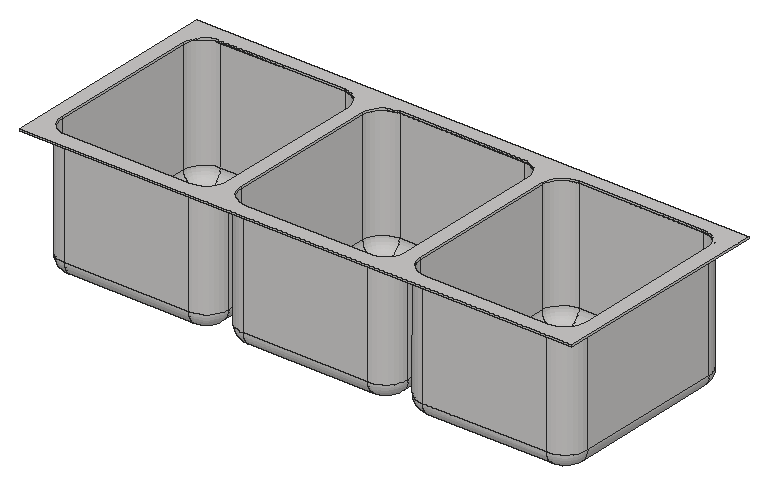
Revit family "QF_Vollrath_12103-1", category Specialty Equipment, Revit 2016
Family settings
  Part Type = Normal
  Round Connector Dimension = Use Diameter
  OmniClass Number = 23.40.40.14.31
  OmniClass Title = Cleaning and Disposal Equipment
  Work Plane-Based = Yes
  Always vertical = Yes
  Cut with Voids When Loaded = No
  Shared = No
  Room Calculation Point = No
Parameters
  Width = 3' - 4"
  Weight in Pounds = 0
  Watermarked By = "http://revitwatermark.com"
  URL Cutsheet = ""
  Status [instance] = ""
  Specification by User [instance] = ""
  Specification by Manufacturer [instance] = ""
  Sink Width = 3' - 2"
  Sink Depth = 1' - 2"
  Sink Basin Depth = 0' - 9 1/4"
  Serial Number [instance] = ""
  Seismic Rating [instance] = ""
  SMACNA No [instance] = ""
  Revision Code [instance] = ""
  NAFEM Spec ID Number [instance] = ""
  Model = "12103-1"
  Masterspec [instance] = ""
  Manufacturer = "Vollrath"
  Item Number [instance] = "-"
  Installed By [instance] = ""
  Indirect Waste Size = 2"
  Indirect Waste Flow [instance] = 0.00 GPM
  Indirect Waste Connection Type [instance] = ""
  Indirect Waste Connection Height [instance] = 0' - 0"
  Furnished By [instance] = ""
  Foodservice Equipment Identifier [instance] = yes
  Description = "Undermount Sink"  # constant formula
  Depth = 1' - 4"
  Default Elevation = 4' - 0"
  CSI MasterFormat = ""
Reference planes (in)
  plane 1 "BACK": y = 0
  plane 2 "BOTTOM": z = 0
  plane 3 "LEFT": x = 0
  plane 4 "RIGHT": x = 40
  plane 5 "FRONT": y = -16
  plane 6: x = 20
  plane 7: y = -8
  plane 8: y = -1
  plane 9: y = -15
  plane 10: x = 1
  plane 11: x = 39
  plane 12 "Sink Bottom": z = -9.25
  plane 13: x = 7
  plane 14: x = 33
  plane 15: x = 13
  plane 16: x = 14
  plane 17: x = 27
  plane 18: x = 26
  plane 19: y = -5.6875
Forms (in)
  Extrusion 1, solid, material "QF_Finishes_Stainless Steel"
    sketch origin (0, 0, 0) x (1, 0, 0) y (0, 1, 0)
      loop
        arc (1, -13.5) -> (1.43934, -14.56066) -> (2.5, -15) r 1.5
        line (2.5, -15) -> (11.5, -15)
        arc (11.5, -15) -> (12.56066, -14.56066) -> (13, -13.5) r 1.5
        line (13, -13.5) -> (13, -2.5)
        arc (13, -2.5) -> (12.56066, -1.43934) -> (11.5, -1) r 1.5
        line (11.5, -1) -> (2.5, -1)
        arc (2.5, -1) -> (1.43934, -1.43934) -> (1, -2.5) r 1.5
        line (1, -2.5) -> (1, -13.5)
      loop
        arc (39, -2.5) -> (38.56066, -1.43934) -> (37.5, -1) r 1.5
        line (37.5, -1) -> (28.5, -1)
        arc (28.5, -1) -> (27.43934, -1.43934) -> (27, -2.5) r 1.5
        line (27, -2.5) -> (27, -13.5)
        arc (27, -13.5) -> (27.43934, -14.56066) -> (28.5, -15) r 1.5
        line (28.5, -15) -> (37.5, -15)
        arc (37.5, -15) -> (38.56066, -14.56066) -> (39, -13.5) r 1.5
        line (39, -13.5) -> (39, -2.5)
      loop
        line (0, -16) -> (40, -16) -> (40, 0) -> (0, 0) -> (0, -16)
      loop
        arc (26, -2.5) -> (25.56066, -1.43934) -> (24.5, -1) r 1.5
        line (24.5, -1) -> (15.5, -1)
        arc (15.5, -1) -> (14.43934, -1.43934) -> (14, -2.5) r 1.5
        line (14, -2.5) -> (14, -13.5)
        arc (14, -13.5) -> (14.43934, -14.56066) -> (15.5, -15) r 1.5
        line (15.5, -15) -> (24.5, -15)
        arc (24.5, -15) -> (25.56066, -14.56066) -> (26, -13.5) r 1.5
        line (26, -13.5) -> (26, -2.5)
    from 0 to 0.125
  Sweep 2, solid, material "QF_Finishes_Stainless Steel"
    path in 3D
      loop
        arc (11.5, -1, 0.125) -> (12.56066, -1.43934, 0.125) -> (13, -2.5, 0.125) r 1.5
        line (13, -2.5, 0.125) -> (13, -13.5, 0.125)
        arc (13, -13.5, 0.125) -> (12.56066, -14.56066, 0.125) -> (11.5, -15, 0.125) r 1.5
        line (11.5, -15, 0.125) -> (2.5, -15, 0.125)
        arc (2.5, -15, 0.125) -> (1.43934, -14.56066, 0.125) -> (1, -13.5, 0.125) r 1.5
        line (1, -13.5, 0.125) -> (1, -2.5, 0.125)
        arc (1, -2.5, 0.125) -> (1.43934, -1.43934, 0.125) -> (2.5, -1, 0.125) r 1.5
        line (2.5, -1, 0.125) -> (11.5, -1, 0.125)
    profile origin (7, -1, 0.125) x (0, 1, 0) y (0, 0, 1)
      loop
        line (0.125, -0.125) -> (0, -0.125) -> (0, -8.25)
        arc (0, -8.25) -> (-0.29289, -8.95711) -> (-1, -9.25) r 1
        line (-1, -9.25) -> (-1, -9.375)
        arc (-1, -9.375) -> (-0.2045, -9.0455) -> (0.125, -8.25) r 1.125
        line (0.125, -8.25) -> (0.125, -0.125)
  Sweep 3, solid, material "QF_Finishes_Stainless Steel"
    path in 3D
      loop
        arc (24.5, -1, 0.125) -> (25.56066, -1.43934, 0.125) -> (26, -2.5, 0.125) r 1.5
        line (26, -2.5, 0.125) -> (26, -13.5, 0.125)
        arc (26, -13.5, 0.125) -> (25.56066, -14.56066, 0.125) -> (24.5, -15, 0.125) r 1.5
        line (24.5, -15, 0.125) -> (15.5, -15, 0.125)
        arc (15.5, -15, 0.125) -> (14.43934, -14.56066, 0.125) -> (14, -13.5, 0.125) r 1.5
        line (14, -13.5, 0.125) -> (14, -2.5, 0.125)
        arc (14, -2.5, 0.125) -> (14.43934, -1.43934, 0.125) -> (15.5, -1, 0.125) r 1.5
        line (15.5, -1, 0.125) -> (24.5, -1, 0.125)
    profile origin (20, -1, 0.125) x (0, 1, 0) y (0, 0, 1)
      loop
        line (0.125, -0.125) -> (0, -0.125) -> (0, -8.25)
        arc (0, -8.25) -> (-0.29289, -8.95711) -> (-1, -9.25) r 1
        line (-1, -9.25) -> (-1, -9.375)
        arc (-1, -9.375) -> (-0.2045, -9.0455) -> (0.125, -8.25) r 1.125
        line (0.125, -8.25) -> (0.125, -0.125)
  Sweep 4, solid, material "QF_Finishes_Stainless Steel"
    path in 3D
      loop
        arc (37.5, -1, 0.125) -> (38.56066, -1.43934, 0.125) -> (39, -2.5, 0.125) r 1.5
        line (39, -2.5, 0.125) -> (39, -13.5, 0.125)
        arc (39, -13.5, 0.125) -> (38.56066, -14.56066, 0.125) -> (37.5, -15, 0.125) r 1.5
        line (37.5, -15, 0.125) -> (28.5, -15, 0.125)
        arc (28.5, -15, 0.125) -> (27.43934, -14.56066, 0.125) -> (27, -13.5, 0.125) r 1.5
        line (27, -13.5, 0.125) -> (27, -2.5, 0.125)
        arc (27, -2.5, 0.125) -> (27.43934, -1.43934, 0.125) -> (28.5, -1, 0.125) r 1.5
        line (28.5, -1, 0.125) -> (37.5, -1, 0.125)
    profile origin (33, -1, 0.125) x (0, 1, 0) y (0, 0, 1)
      loop
        line (0.125, -0.125) -> (0, -0.125) -> (0, -8.25)
        arc (0, -8.25) -> (-0.29289, -8.95711) -> (-1, -9.25) r 1
        line (-1, -9.25) -> (-1, -9.375)
        arc (-1, -9.375) -> (-0.2045, -9.0455) -> (0.125, -8.25) r 1.125
        line (0.125, -8.25) -> (0.125, -0.125)
  Extrusion 5, solid, material "QF_Finishes_Stainless Steel"
    sketch origin (0, 0, -9.25) x (-1, 0, 0) y (0, -1, 0)
      loop
        line (-2.5, 14) -> (-11.5, 14)
        arc (-11.5, 14) -> (-11.85355, 13.85355) -> (-12, 13.5) r 0.5
        line (-12, 13.5) -> (-12, 2.5)
        arc (-12, 2.5) -> (-11.85355, 2.14645) -> (-11.5, 2) r 0.5
        line (-11.5, 2) -> (-2.5, 2)
        arc (-2.5, 2) -> (-2.14645, 2.14645) -> (-2, 2.5) r 0.5
        line (-2, 2.5) -> (-2, 13.5)
        arc (-2, 13.5) -> (-2.14645, 13.85355) -> (-2.5, 14) r 0.5
      loop
        line (-15, 2.5) -> (-15, 13.5)
        arc (-15, 13.5) -> (-15.14645, 13.85355) -> (-15.5, 14) r 0.5
        line (-15.5, 14) -> (-24.5, 14)
        arc (-24.5, 14) -> (-24.85355, 13.85355) -> (-25, 13.5) r 0.5
        line (-25, 13.5) -> (-25, 2.5)
        arc (-25, 2.5) -> (-24.85355, 2.14645) -> (-24.5, 2) r 0.5
        line (-24.5, 2) -> (-15.5, 2)
        arc (-15.5, 2) -> (-15.14645, 2.14645) -> (-15, 2.5) r 0.5
      loop
        line (-28, 2.5) -> (-28, 13.5)
        arc (-28, 13.5) -> (-28.14645, 13.85355) -> (-28.5, 14) r 0.5
        line (-28.5, 14) -> (-37.5, 14)
        arc (-37.5, 14) -> (-37.85355, 13.85355) -> (-38, 13.5) r 0.5
        line (-38, 13.5) -> (-38, 2.5)
        arc (-38, 2.5) -> (-37.85355, 2.14645) -> (-37.5, 2) r 0.5
        line (-37.5, 2) -> (-28.5, 2)
        arc (-28.5, 2) -> (-28.14645, 2.14645) -> (-28, 2.5) r 0.5
      loop
        circle (-33, 5.6875) r 1.75
      loop
        circle (-20, 5.6875) r 1.75
      loop
        circle (-7, 5.6875) r 1.75
    from 0 to 0.125
Lines and regions (in)
  sketch lines
    curve 1: line (2.5, -1, 0.125) -> (11.5, -1, 0.125)
    curve 2: arc (2.5, -1, 0.125) -> (1.43934, -1.43934, 0.125) -> (1, -2.5, 0.125) r 1.5
    curve 3: line (1, -13.5, 0.125) -> (1, -2.5, 0.125)
    curve 4: arc (1, -13.5, 0.125) -> (1.43934, -14.56066, 0.125) -> (2.5, -15, 0.125) r 1.5
    curve 5: line (11.5, -15, 0.125) -> (2.5, -15, 0.125)
    curve 6: arc (11.5, -15, 0.125) -> (12.56066, -14.56066, 0.125) -> (13, -13.5, 0.125) r 1.5
    curve 7: line (13, -2.5, 0.125) -> (13, -13.5, 0.125)
    curve 8: arc (13, -2.5, 0.125) -> (12.56066, -1.43934, 0.125) -> (11.5, -1, 0.125) r 1.5
    curve 9: line (15.5, -1, 0.125) -> (24.5, -1, 0.125)
    curve 10: arc (15.5, -1, 0.125) -> (14.43934, -1.43934, 0.125) -> (14, -2.5, 0.125) r 1.5
    curve 11: line (14, -13.5, 0.125) -> (14, -2.5, 0.125)
    curve 12: arc (14, -13.5, 0.125) -> (14.43934, -14.56066, 0.125) -> (15.5, -15, 0.125) r 1.5
    curve 13: line (24.5, -15, 0.125) -> (15.5, -15, 0.125)
    curve 14: arc (24.5, -15, 0.125) -> (25.56066, -14.56066, 0.125) -> (26, -13.5, 0.125) r 1.5
    curve 15: line (26, -2.5, 0.125) -> (26, -13.5, 0.125)
    curve 16: arc (26, -2.5, 0.125) -> (25.56066, -1.43934, 0.125) -> (24.5, -1, 0.125) r 1.5
    curve 17: line (28.5, -1, 0.125) -> (37.5, -1, 0.125)
    curve 18: arc (28.5, -1, 0.125) -> (27.43934, -1.43934, 0.125) -> (27, -2.5, 0.125) r 1.5
    curve 19: line (27, -13.5, 0.125) -> (27, -2.5, 0.125)
    curve 20: arc (27, -13.5, 0.125) -> (27.43934, -14.56066, 0.125) -> (28.5, -15, 0.125) r 1.5
    curve 21: line (37.5, -15, 0.125) -> (28.5, -15, 0.125)
    curve 22: arc (37.5, -15, 0.125) -> (38.56066, -14.56066, 0.125) -> (39, -13.5, 0.125) r 1.5
    curve 23: line (39, -2.5, 0.125) -> (39, -13.5, 0.125)
    curve 24: arc (39, -2.5, 0.125) -> (38.56066, -1.43934, 0.125) -> (37.5, -1, 0.125) r 1.5
  symbolic lines
    curve 25: line (0, 0, -9.25) -> (40, 0, -9.25)
    curve 26: line (0, -16, -9.25) -> (0, 0, -9.25)
    curve 27: line (40, -16, -9.25) -> (0, -16, -9.25)
    curve 28: line (40, 0, -9.25) -> (40, -16, -9.25)
  symbolic lines, style "QF_Surface Details"
    curve 29: circle (7, -5.6875, -9.25) r 1.75 normal (0, 0, -1)
    curve 30: circle (20, -5.6875, -9.25) r 1.75 normal (0, 0, -1)
    curve 31: circle (33, -5.6875, -9.25) r 1.75 normal (0, 0, -1)
    curve 32: line (11.5, -1, -9.25) -> (2.5, -1, -9.25)
    curve 33: arc (1, -2.5, -9.25) -> (1.43934, -1.43934, -9.25) -> (2.5, -1, -9.25) r 1.5
    curve 34: line (1, -2.5, -9.25) -> (1, -13.5, -9.25)
    curve 35: arc (2.5, -15, -9.25) -> (1.43934, -14.56066, -9.25) -> (1, -13.5, -9.25) r 1.5
    curve 36: line (2.5, -15, -9.25) -> (11.5, -15, -9.25)
    curve 37: arc (13, -13.5, -9.25) -> (12.56066, -14.56066, -9.25) -> (11.5, -15, -9.25) r 1.5
    curve 38: line (13, -13.5, -9.25) -> (13, -2.5, -9.25)
    curve 39: arc (11.5, -1, -9.25) -> (12.56066, -1.43934, -9.25) -> (13, -2.5, -9.25) r 1.5
    curve 40: arc (14, -2.5, -9.25) -> (14.43934, -1.43934, -9.25) -> (15.5, -1, -9.25) r 1.5
    curve 41: line (24.5, -1, -9.25) -> (15.5, -1, -9.25)
    curve 42: line (14, -2.5, -9.25) -> (14, -13.5, -9.25)
    curve 43: arc (15.5, -15, -9.25) -> (14.43934, -14.56066, -9.25) -> (14, -13.5, -9.25) r 1.5
    curve 44: line (15.5, -15, -9.25) -> (24.5, -15, -9.25)
    curve 45: arc (26, -13.5, -9.25) -> (25.56066, -14.56066, -9.25) -> (24.5, -15, -9.25) r 1.5
    curve 46: line (26, -13.5, -9.25) -> (26, -2.5, -9.25)
    curve 47: arc (24.5, -1, -9.25) -> (25.56066, -1.43934, -9.25) -> (26, -2.5, -9.25) r 1.5
    curve 48: arc (27, -2.5, -9.25) -> (27.43934, -1.43934, -9.25) -> (28.5, -1, -9.25) r 1.5
    curve 49: line (27, -2.5, -9.25) -> (27, -13.5, -9.25)
    curve 50: arc (28.5, -15, -9.25) -> (27.43934, -14.56066, -9.25) -> (27, -13.5, -9.25) r 1.5
    curve 51: line (28.5, -15, -9.25) -> (37.5, -15, -9.25)
    curve 52: arc (39, -13.5, -9.25) -> (38.56066, -14.56066, -9.25) -> (37.5, -15, -9.25) r 1.5
    curve 53: line (39, -13.5, -9.25) -> (39, -2.5, -9.25)
    curve 54: arc (37.5, -1, -9.25) -> (38.56066, -1.43934, -9.25) -> (39, -2.5, -9.25) r 1.5
    curve 55: line (37.5, -1, -9.25) -> (28.5, -1, -9.25)
Dimensions and locks (in)
  "Width": plane 3 "LEFT" to plane 4 "RIGHT"
  "Depth": plane 5 "FRONT" to plane 1 "BACK"
  "Sink Depth": plane 8 to plane 9
  equal spacing: plane 3 "LEFT", plane 6, plane 4 "RIGHT"
  equal spacing: plane 10, plane 6, plane 11
  "Sink Width": plane 10 to plane 11
  "Sink Basin Depth": level to plane 12 "Sink Bottom"
  equal spacing: plane 8, plane 7, plane 9
  plane 1 "BACK" to plane 8 = 0' - 1"
  plane 9 to plane 5 "FRONT" = 0' - 1"
  locked: plane 3 "LEFT" to plane 10 at 1
  plane 11 to plane 4 "RIGHT" = 0' - 1"
  equal spacing: plane 10, plane 13, plane 15
  equal spacing: plane 17, plane 14, plane 11
  equal spacing: plane 16, plane 6, plane 18
  plane 15 to plane 16 = 0' - 1"
  plane 18 to plane 17 = 0' - 1"
  plane 8 to plane 19 = 0' - 4 11/16"
  aligned and locked: level to plane 2 "BOTTOM"
  aligned and locked: Extrusion 1 sketch curve to plane 3 "LEFT"
  aligned and locked: plane 5 "FRONT" to Extrusion 1 sketch curve
  aligned and locked: plane 4 "RIGHT" to Extrusion 1 sketch curve
  aligned and locked: Extrusion 1 sketch curve to plane 1 "BACK"
  aligned and locked: Extrusion 5 sketch curve to Sweep 2  (x4)
  aligned and locked: Extrusion 5 sketch curve to Sweep 3  (x4)
  aligned and locked: Extrusion 5 sketch curve to Sweep 4  (x4)
Automatic sketch dimensions
  Extrusion 1 sketch curve to plane 9 = 0' - 0"  (x3)
  Extrusion 1 sketch curve to plane 8 = 0' - 0"  (x3)
  Extrusion 1 sketch curve to Extrusion 1 sketch curve = 0' - 1 1/2"  (x5)
  plane 10 to Extrusion 1 sketch curve = 0' - 1 1/2"
  Extrusion 1 sketch curve to plane 6 = 0' - 8 1/2"  (x2)
  Extrusion 1 sketch curve to Extrusion 1 sketch curve = 0' - 1"  (x2)
  plane 6 to Extrusion 1 sketch curve = 0' - 4 1/2"  (x2)
  plane 9 to Extrusion 1 sketch curve = 0' - 1 1/2"
  Extrusion 1 sketch curve to plane 8 = 0' - 1 1/2"
  Extrusion 1 sketch curve to plane 11 = 0' - 1 1/2"  (x2)
  Extrusion 1 sketch curve to plane 10 = 0' - 0"
  Extrusion 1 sketch curve to plane 11 = 0' - 0"
  Sweep 2 sketch curve to Sweep 2 sketch curve = 0' - 0"  (x2)
  Sweep 2 sketch curve to profile plane = 0' - 0"
  profile plane to Sweep 2 sketch curve = 0' - 1"
  Sweep 2 sketch curve to Sweep 2 sketch curve = 0' - 0 1/8"
  Sweep 2 sketch curve to profile plane = 0' - 0 1/8"
  Sweep 2 sketch curve to Sweep 2 sketch curve = 0' - 8 1/8"
  Sweep 3 sketch curve to Sweep 3 sketch curve = 0' - 0"
  Sweep 3 sketch curve to profile plane = 0' - 0"
  profile plane to Sweep 3 sketch curve = 0' - 1"
  Sweep 3 sketch curve to Sweep 3 sketch curve = 0' - 0 1/8"
  Sweep 3 sketch curve to profile plane = 0' - 9 3/8"
  Sweep 3 sketch curve to profile plane = 0' - 0 1/8"
  Sweep 4 sketch curve to Sweep 4 sketch curve = 0' - 0"
  Sweep 4 sketch curve to profile plane = 0' - 0"
  profile plane to Sweep 4 sketch curve = 0' - 1"
  Sweep 4 sketch curve to Sweep 4 sketch curve = 0' - 0 1/8"
  Sweep 4 sketch curve to profile plane = 0' - 9 3/8"
  Sweep 4 sketch curve to profile plane = 0' - 0 1/8"
  plane 7 to Extrusion 5 sketch curve = 0' - 2 5/16"  (x3)
  Extrusion 5 sketch curve to plane 14 = 0' - 0"
  Extrusion 5 sketch curve to plane 6 = 0' - 0"
  Extrusion 5 sketch curve to plane 13 = 0' - 0"
  Extrusion 5 sketch curve to Extrusion 5 sketch curve = 0' - 0 1/2"  (x12)
  plane 1 "BACK" to curve 25 = 0' - 0"
  curve 25 to plane 4 "RIGHT" = 0' - 0"
  curve 31 to plane 14 = 0' - 0"
  curve 30 to plane 6 = 0' - 0"
  curve 29 to plane 13 = 0' - 0"
  curve 26 to plane 3 "LEFT" = 0' - 0"
  curve 31 to plane 19 = 0' - 0"
  curve 29 to plane 19 = 0' - 0"
  curve 30 to plane 19 = 0' - 0"
  plane 5 "FRONT" to curve 27 = 0' - 0"
  curve 32 to plane 8 = 0' - 0"
  curve 33 to plane 10 = 0' - 0"
  curve 33 to plane 8 = 0' - 1 1/2"
  plane 9 to curve 34 = 0' - 1 1/2"
  curve 35 to plane 9 = 0' - 0"
  curve 36 to plane 15 = 0' - 1 1/2"
  curve 37 to plane 15 = 0' - 0"
  curve 38 to plane 8 = 0' - 1 1/2"
  curve 41 to plane 8 = 0' - 0"
  curve 40 to plane 16 = 0' - 0"
  plane 16 to curve 40 = 0' - 1 1/2"
  curve 37 to curve 42 = 0' - 0"
  curve 43 to plane 9 = 0' - 0"
  curve 44 to plane 18 = 0' - 1 1/2"
  curve 45 to plane 18 = 0' - 0"
  curve 46 to plane 8 = 0' - 1 1/2"
  curve 48 to plane 8 = 0' - 0"
  curve 49 to plane 17 = 0' - 0"
  plane 17 to curve 48 = 0' - 1 1/2"
  curve 45 to curve 49 = 0' - 0"
  curve 50 to plane 9 = 0' - 0"
  curve 51 to plane 11 = 0' - 1 1/2"
  curve 52 to plane 11 = 0' - 0"
  curve 53 to plane 8 = 0' - 1 1/2"
  radius of Extrusion 5 sketch curve = 0' - 1 3/4"  (x3)
  radius of curve 29 = 0' - 1 3/4"
  radius of curve 30 = 0' - 1 3/4"
  radius of curve 31 = 0' - 1 3/4"
Connectors (in)
  piping at (7, -5.6875, -9.25), diameter 2, driven by "Indirect Waste Flow"
    settings: on Extrusion 5, index 1, connector inside diameter 2", connector length 0' - 0", flow factor 0, pipe flow 0.00 GPM, pressure drop 0.00 psi, fitting loss kfactor 0, connector angle 0.00°, fixture units 0, engagement length 0' - 0", angle of deflection 0.00°, flow configuration 1, flow direction 2, fitting loss method 0, system type 16, joint type 0, gender type 0, connector reference index -1, connector utility 0, adjustable connector no, is connector primary yes, connector description "IW"
  piping at (20, -5.6875, -9.25), diameter 2, driven by "Indirect Waste Flow"
    settings: on Extrusion 5, index 2, connector inside diameter 2", connector length 0' - 0", flow factor 0, pipe flow 0.00 GPM, pressure drop 0.00 psi, fitting loss kfactor 0, connector angle 0.00°, fixture units 0, engagement length 0' - 0", angle of deflection 0.00°, flow configuration 1, flow direction 2, fitting loss method 0, system type 16, joint type 0, gender type 0, connector reference index -1, connector utility 0, adjustable connector no, is connector primary no, connector description "IW"
  piping at (33, -5.6875, -9.25), diameter 2, driven by "Indirect Waste Flow"
    settings: on Extrusion 5, index 3, connector inside diameter 2", connector length 0' - 0", flow factor 0, pipe flow 0.00 GPM, pressure drop 0.00 psi, fitting loss kfactor 0, connector angle 0.00°, fixture units 0, engagement length 0' - 0", angle of deflection 0.00°, flow configuration 1, flow direction 2, fitting loss method 0, system type 16, joint type 0, gender type 0, connector reference index -1, connector utility 0, adjustable connector no, is connector primary no, connector description "IW"
